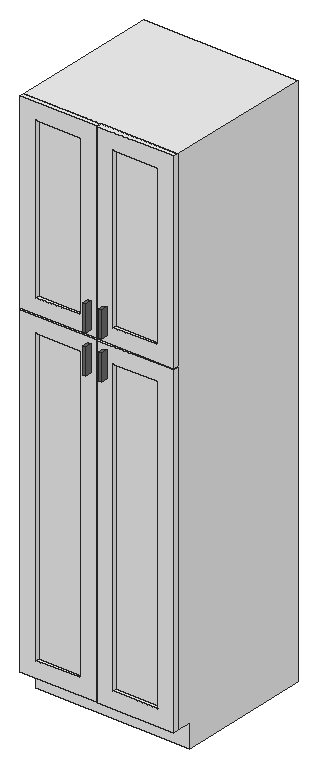
Revit family "e07d31c6d0144537abff69c573dee53b", category Casework, Revit 2021
Family settings
  OmniClass Number = 23.40.35.17.47.11
  OmniClass Title = Kitchen Casework
  Seek Item ID = Tall Cabinet-Double Door(4)-0000-USA-ENU
  Work Plane-Based = No
  Always vertical = Yes
  Cut with Voids When Loaded = No
  Shared = No
  Room Calculation Point = No
Parameters (values of type "24"")
  Default Elevation = 0' - 0"
  Assembly Code = "C1030410"
  Cabinet Material = none
  Depth = 2' - 0"
  Door/Drawer Material = none
  Handle Material = Cabinets - Handles
  Height = 7' - 0"
  Panel Material = none
  Toe Depth = 0' - 3"
  Toe Height = 0' - 3 1/2"
  Width = 2' - 0"
Types (4): name | Width
  (no name) | 2' - 0"
  30" | 2' - 6"
  36" | 3' - 0"
  24" | 2' - 0"
Reference planes (in)
  plane 1 "Back": y = 0
  plane 2: z = 0.0625
  plane 3 "Center": x = 0.7377
  plane 4 "Left": x = -11.2623
  plane 5 "Right": x = 12.7377
  plane 6 "Front": y = -24
  plane 7 "Top": z = 84
  plane 8: y = -21
  plane 9: z = 3.5625
  plane 10: z = 28.91015
  plane 11: z = 54.2578
  plane 12: z = 69.1289
Forms (in)
  Extrusion 1, solid, material <- "Cabinet Material"
    sketch origin (0, -24, 0) x (1, 0, 0) y (0, 0, 1)
      loop
        line (-11.2623, 3.5625) -> (12.7377, 3.5625) -> (12.7377, 84) -> (-11.2623, 84) -> (-11.2623, 3.5625)
      loop
        line (-10.5123, 83.25) -> (-10.5123, 4.3125) -> (11.9877, 4.3125) -> (11.9877, 83.25) -> (-10.5123, 83.25)
    from -0.75 to -24
  Extrusion 2, solid, material "Cabinets"
    sketch origin (0, 0, 0) x (1, 0, 0) y (0, 0, 1)
      loop
        line (-10.5123, 83.25) -> (-10.5123, 4.3125) -> (11.9877, 4.3125) -> (11.9877, 83.25) -> (-10.5123, 83.25)
    from 0 to 0.75
  Extrusion 3, solid, material <- "Door/Drawer Material"
    sketch origin (0, -24, 0) x (1, 0, 0) y (0, 0, 1)
      loop
        line (-11.2623, 84) -> (-11.2623, 54.3828) -> (0.6127, 54.3828) -> (0.6127, 84) -> (-11.2623, 84)
      loop
        line (12.7377, 84) -> (0.8627, 84) -> (0.8627, 54.3828) -> (12.7377, 54.3828) -> (12.7377, 84)
      loop
        line (12.7377, 3.5625) -> (12.7377, 54.1328) -> (0.8627, 54.1328) -> (0.8627, 3.5625) -> (12.7377, 3.5625)
      loop
        line (-11.2623, 3.5625) -> (0.6127, 3.5625) -> (0.6127, 54.1328) -> (-11.2623, 54.1328) -> (-11.2623, 3.5625)
      loop
        line (-8.7623, 81.5) -> (-8.7623, 56.7578) -> (-1.7623, 56.7578) -> (-1.7623, 81.5) -> (-8.7623, 81.5)
      loop
        line (3.2377, 81.5) -> (3.2377, 56.7578) -> (10.2377, 56.7578) -> (10.2377, 81.5) -> (3.2377, 81.5)
      loop
        line (-8.7623, 51.7578) -> (-8.7623, 6.0625) -> (-1.7623, 6.0625) -> (-1.7623, 51.7578) -> (-8.7623, 51.7578)
      loop
        line (10.2377, 51.7578) -> (3.2377, 51.7578) -> (3.2377, 6.0625) -> (10.2377, 6.0625) -> (10.2377, 51.7578)
    from 0 to -0.75
  Extrusion 4, solid, material <- "Cabinet Material"
    sketch origin (0, 0, 0.0625) x (1, 0, 0) y (0, 1, 0)
      loop
        line (-11.2623, 0) -> (-11.2623, -21) -> (12.7377, -21) -> (12.7377, 0) -> (-11.2623, 0)
    from 0 to 3.5
  Extrusion 5, solid, material <- "Panel Material"
    sketch origin (0, -24, 0) x (1, 0, 0) y (0, 0, 1)
      loop
        line (-8.7623, 81.5) -> (-8.7623, 56.7578) -> (-1.7623, 56.7578) -> (-1.7623, 81.5) -> (-8.7623, 81.5)
      loop
        line (3.2377, 81.5) -> (3.2377, 56.7578) -> (10.2377, 56.7578) -> (10.2377, 81.5) -> (3.2377, 81.5)
      loop
        line (-8.7623, 51.7578) -> (-8.7623, 6.0625) -> (-1.7623, 6.0625) -> (-1.7623, 51.7578) -> (-8.7623, 51.7578)
      loop
        line (3.2377, 51.7578) -> (3.2377, 6.0625) -> (10.2377, 6.0625) -> (10.2377, 51.7578) -> (3.2377, 51.7578)
    from -0.5 to -0.75
  Extrusion 6, solid, material "Cabinets - Handles" <- "Handle Material"
    sketch origin (0, -24, 0) x (1, 0, 0) y (0, 0, 1)
      loop
        line (-0.75569, 59.2578) -> (-0.75569, 55.2578) -> (-0.2623, 55.2578) -> (-0.2623, 59.2578) -> (-0.75569, 59.2578)
      loop
        line (1.7377, 59.2578) -> (1.7377, 55.2578) -> (2.2311, 55.2578) -> (2.2311, 59.2578) -> (1.7377, 59.2578)
      loop
        line (-0.75569, 53.2578) -> (-0.75569, 49.2578) -> (-0.2623, 49.2578) -> (-0.2623, 53.2578) -> (-0.75569, 53.2578)
      loop
        line (1.7377, 53.2578) -> (1.7377, 49.2578) -> (2.2311, 49.2578) -> (2.2311, 53.2578) -> (1.7377, 53.2578)
    from 0 to 1
Cuts and joins
  joined: Extrusion 1, Extrusion 4
Lines and regions (in)
  Masking region 1
    outline origin (0, 0, 0.0625) x (1, 0, 0) y (0, 1, 0)
      loop
        line (-11.2623, 0) -> (-11.2623, -24) -> (12.7377, -24) -> (12.7377, 0) -> (-11.2623, 0)
  model lines
    curve 1: line (10.2377, -24, 6.0625) -> (3.2377, -24, 6.0625)
    curve 2: line (10.2377, -24, 51.7578) -> (10.2377, -24, 6.0625)
    curve 3: line (3.2377, -24, 51.7578) -> (10.2377, -24, 51.7578)
    curve 4: line (3.2377, -24, 6.0625) -> (3.2377, -24, 51.7578)
    curve 5: line (-1.7623, -24, 6.0625) -> (-8.7623, -24, 6.0625)
    curve 6: line (-1.7623, -24, 51.7578) -> (-1.7623, -24, 6.0625)
    curve 7: line (-8.7623, -24, 51.7578) -> (-1.7623, -24, 51.7578)
    curve 8: line (-8.7623, -24, 6.0625) -> (-8.7623, -24, 51.7578)
    curve 9: line (-8.7623, -24, 81.5) -> (-1.7623, -24, 81.5)
    curve 10: line (-8.7623, -24, 56.7578) -> (-8.7623, -24, 81.5)
    curve 11: line (-1.7623, -24, 56.7578) -> (-8.7623, -24, 56.7578)
    curve 12: line (-1.7623, -24, 81.5) -> (-1.7623, -24, 56.7578)
    curve 13: line (3.2377, -24, 81.5) -> (10.2377, -24, 81.5)
    curve 14: line (3.2377, -24, 56.7578) -> (3.2377, -24, 81.5)
    curve 15: line (10.2377, -24, 56.7578) -> (3.2377, -24, 56.7578)
    curve 16: line (10.2377, -24, 81.5) -> (10.2377, -24, 56.7578)
    curve 17: line (-11.2623, -24, 54.2578) -> (12.7377, -24, 54.2578)
    curve 18: line (1.7377, -24, 55.2578) -> (2.2311, -24, 55.2578)
    curve 19: line (1.7377, -24, 59.2578) -> (1.7377, -24, 55.2578)
    curve 20: line (2.2311, -24, 59.2578) -> (1.7377, -24, 59.2578)
    curve 21: line (2.2311, -24, 55.2578) -> (2.2311, -24, 59.2578)
    curve 22: line (-0.2623, -24, 55.2578) -> (-0.75569, -24, 55.2578)
    curve 23: line (-0.2623, -24, 59.2578) -> (-0.2623, -24, 55.2578)
    curve 24: line (-0.75569, -24, 59.2578) -> (-0.2623, -24, 59.2578)
    curve 25: line (-0.75569, -24, 55.2578) -> (-0.75569, -24, 59.2578)
    curve 26: line (1.7377, -24, 53.2578) -> (2.2311, -24, 53.2578)
    curve 27: line (1.7377, -24, 49.2578) -> (1.7377, -24, 53.2578)
    curve 28: line (2.2311, -24, 49.2578) -> (1.7377, -24, 49.2578)
    curve 29: line (2.2311, -24, 53.2578) -> (2.2311, -24, 49.2578)
    curve 30: line (-0.2623, -24, 53.2578) -> (-0.75569, -24, 53.2578)
    curve 31: line (-0.2623, -24, 49.2578) -> (-0.2623, -24, 53.2578)
    curve 32: line (-0.75569, -24, 49.2578) -> (-0.2623, -24, 49.2578)
    curve 33: line (-0.75569, -24, 53.2578) -> (-0.75569, -24, 49.2578)
    curve 34: line (0.7377, -24, 84) -> (0.7377, -24, 3.5625)
  symbolic lines, style "Elevation Swing"
    curve 35: line (0.7377, 0, 83.25) -> (-10.5123, 0, 69.1289)
    curve 36: line (-10.5123, 0, 69.1289) -> (0.7377, 0, 54.2578)
    curve 37: line (0.7377, 0, 54.2578) -> (11.9877, 0, 69.1289)
    curve 38: line (11.9877, 0, 69.1289) -> (0.7377, 0, 83.25)
    curve 39: line (0.7377, 0, 54.2578) -> (-10.5123, 0, 28.91015)
    curve 40: line (-10.5123, 0, 28.91015) -> (0.7377, 0, 4.3125)
    curve 41: line (0.7377, 0, 4.3125) -> (11.9877, 0, 28.91015)
    curve 42: line (11.9877, 0, 28.91015) -> (0.7377, 0, 54.2578)
Dimensions and locks (in)
  "Depth": plane 6 "Front" to plane 1 "Back"
  "Width": plane 4 "Left" to plane 5 "Right"
  equal spacing: plane 4 "Left", plane 3 "Center", plane 5 "Right"
  "Height": level to plane 7 "Top"
  "Toe Height": plane 2 to plane 9
  "Toe Depth": plane 6 "Front" to plane 8
  locked: plane 7 "Top" to plane 11 at 29.7422
  equal spacing: plane 11, plane 10, plane 9
  equal spacing: plane 7 "Top", plane 12, plane 11
  aligned and locked: Extrusion 1 to plane 1 "Back"
  aligned and locked: Extrusion 4 to plane 9
  aligned and locked: Extrusion 1 to Extrusion 3
  aligned and locked: plane 1 "Back" to Masking region 1 sketch curve
  aligned and locked: Masking region 1 sketch curve to plane 6 "Front"
  aligned and locked: plane 5 "Right" to Masking region 1 sketch curve
  aligned and locked: Masking region 1 sketch curve to plane 4 "Left"
Automatic sketch dimensions
  Extrusion 1 sketch curve to plane 4 "Left" = 0' - 0"
  Extrusion 1 sketch curve to plane 5 "Right" = 0' - 0"
  Extrusion 1 sketch curve to plane 9 = 0' - 0"
  Extrusion 1 sketch curve to plane 7 "Top" = 0' - 0"
  Extrusion 1 sketch curve to plane 4 "Left" = 0' - 0 3/4"
  plane 5 "Right" to Extrusion 1 sketch curve = 0' - 0 3/4"
  Extrusion 1 sketch curve to Extrusion 1 sketch curve = 0' - 0 3/4"
  plane 7 "Top" to Extrusion 1 sketch curve = 0' - 0 3/4"
  Extrusion 2 sketch curve to plane 4 "Left" = 0' - 0 3/4"
  plane 5 "Right" to Extrusion 2 sketch curve = 0' - 0 3/4"
  Extrusion 2 sketch curve to plane 9 = 0' - 0 3/4"
  plane 7 "Top" to Extrusion 2 sketch curve = 0' - 0 3/4"
  Extrusion 4 sketch curve to plane 4 "Left" = 0' - 0"
  Extrusion 4 sketch curve to plane 5 "Right" = 0' - 0"
  Extrusion 4 sketch curve to plane 8 = 0' - 0"
  Extrusion 4 sketch curve to plane 1 "Back" = 0' - 0"
  Extrusion 3 sketch curve to plane 4 "Left" = 0' - 0"  (x2)
  Extrusion 3 sketch curve to plane 9 = 0' - 0"  (x2)
  Extrusion 3 sketch curve to plane 7 "Top" = 0' - 0"  (x2)
  Extrusion 3 sketch curve to plane 5 "Right" = 0' - 0"  (x2)
  Extrusion 3 sketch curve to plane 4 "Left" = 0' - 2 1/2"  (x2)
  Extrusion 3 sketch curve to plane 3 "Center" = 0' - 2 1/2"  (x2)
  Extrusion 3 sketch curve to plane 3 "Center" = 0' - 0 1/8"  (x2)
  plane 3 "Center" to Extrusion 3 sketch curve = 0' - 0 1/8"  (x2)
  plane 3 "Center" to Extrusion 3 sketch curve = 0' - 2 1/2"  (x2)
  plane 5 "Right" to Extrusion 3 sketch curve = 0' - 2 1/2"  (x2)
  Extrusion 3 sketch curve to plane 9 = 0' - 2 1/2"  (x2)
  Extrusion 3 sketch curve to plane 11 = 0' - 2 1/2"  (x2)
  Extrusion 3 sketch curve to plane 11 = 0' - 0 1/8"  (x2)
  plane 11 to Extrusion 3 sketch curve = 0' - 0 1/8"  (x2)
  plane 11 to Extrusion 3 sketch curve = 0' - 2 1/2"  (x2)
  plane 7 "Top" to Extrusion 3 sketch curve = 0' - 2 1/2"  (x2)
  Extrusion 5 sketch curve to plane 4 "Left" = 0' - 2 1/2"  (x2)
  Extrusion 5 sketch curve to plane 3 "Center" = 0' - 2 1/2"  (x2)
  plane 3 "Center" to Extrusion 5 sketch curve = 0' - 2 1/2"  (x2)
  plane 5 "Right" to Extrusion 5 sketch curve = 0' - 2 1/2"  (x2)
  Extrusion 5 sketch curve to plane 9 = 0' - 2 1/2"  (x2)
  Extrusion 5 sketch curve to plane 11 = 0' - 2 1/2"  (x2)
  plane 11 to Extrusion 5 sketch curve = 0' - 2 1/2"  (x2)
  plane 7 "Top" to Extrusion 5 sketch curve = 0' - 2 1/2"  (x2)
  Extrusion 6 sketch curve to plane 3 "Center" = 0' - 1.49339"  (x2)
  Extrusion 6 sketch curve to Extrusion 6 sketch curve = 0' - 0.49339"  (x4)
  plane 3 "Center" to Extrusion 6 sketch curve = 0' - 1"  (x2)
  Extrusion 6 sketch curve to plane 11 = 0' - 5"
  Extrusion 6 sketch curve to Extrusion 6 sketch curve = 0' - 0"  (x2)
  Extrusion 6 sketch curve to plane 11 = 0' - 1"  (x2)
  plane 11 to Extrusion 6 sketch curve = 0' - 1"  (x2)
  Extrusion 6 sketch curve to Extrusion 6 sketch curve = 0' - 4"
  curve 17 to plane 5 "Right" = 0' - 0"
  curve 38 to plane 12 = 0' - 0"
  curve 42 to plane 10 = 0' - 0"
  curve 36 to plane 3 "Center" = 0' - 0"
  curve 40 to plane 3 "Center" = 0' - 0"
  curve 34 to plane 3 "Center" = 0' - 0"
  curve 38 to plane 3 "Center" = 0' - 0"
  curve 36 to plane 12 = 0' - 0"
  curve 40 to plane 10 = 0' - 0"
  curve 17 to plane 4 "Left" = 0' - 0"
  curve 34 to plane 7 "Top" = 0' - 0"
  curve 37 to plane 11 = 0' - 0"
  curve 17 to plane 11 = 0' - 0"
  curve 34 to plane 9 = 0' - 0"
  plane 5 "Right" to curve 41 = 0' - 0 3/4"
  plane 5 "Right" to curve 38 = 0' - 0 3/4"
  plane 5 "Right" to curve 3 = 0' - 2 1/2"
  plane 5 "Right" to curve 13 = 0' - 2 1/2"
  plane 3 "Center" to curve 4 = 0' - 2 1/2"
  plane 3 "Center" to curve 15 = 0' - 2 1/2"
  plane 3 "Center" to curve 29 = 0' - 1.49339"
  plane 3 "Center" to curve 21 = 0' - 1.49339"
  curve 26 to curve 26 = 0' - 0.49339"
  curve 18 to curve 18 = 0' - 0.49339"
  curve 23 to plane 3 "Center" = 0' - 1"
  curve 30 to plane 3 "Center" = 0' - 1"
  curve 23 to curve 25 = 0' - 0.49339"
  curve 30 to curve 30 = 0' - 0.49339"
  curve 22 to curve 12 = 0' - 1.00661"
  curve 5 to plane 3 "Center" = 0' - 2 1/2"
  curve 10 to plane 4 "Left" = 0' - 2 1/2"
  curve 8 to plane 4 "Left" = 0' - 2 1/2"
  curve 36 to plane 4 "Left" = 0' - 0 3/4"
  curve 40 to plane 4 "Left" = 0' - 0 3/4"
  plane 7 "Top" to curve 38 = 0' - 0 3/4"
  plane 7 "Top" to curve 13 = 0' - 2 1/2"
  plane 7 "Top" to curve 12 = 0' - 2 1/2"
  plane 11 to curve 20 = 0' - 5"
  curve 24 to curve 19 = 0' - 0"
  plane 11 to curve 11 = 0' - 2 1/2"
  plane 11 to curve 14 = 0' - 2 1/2"
  plane 11 to curve 22 = 0' - 1"
  plane 11 to curve 18 = 0' - 1"
  curve 30 to plane 11 = 0' - 1"
  curve 29 to plane 11 = 0' - 1"
  curve 30 to curve 7 = 0' - 1 1/2"
  curve 2 to plane 11 = 0' - 2 1/2"
  curve 6 to curve 32 = 0' - 2 1/2"
  curve 27 to curve 31 = 0' - 0"
  curve 5 to plane 9 = 0' - 2 1/2"
  curve 1 to plane 9 = 0' - 2 1/2"
  curve 40 to curve 34 = 0' - 0 3/4"
